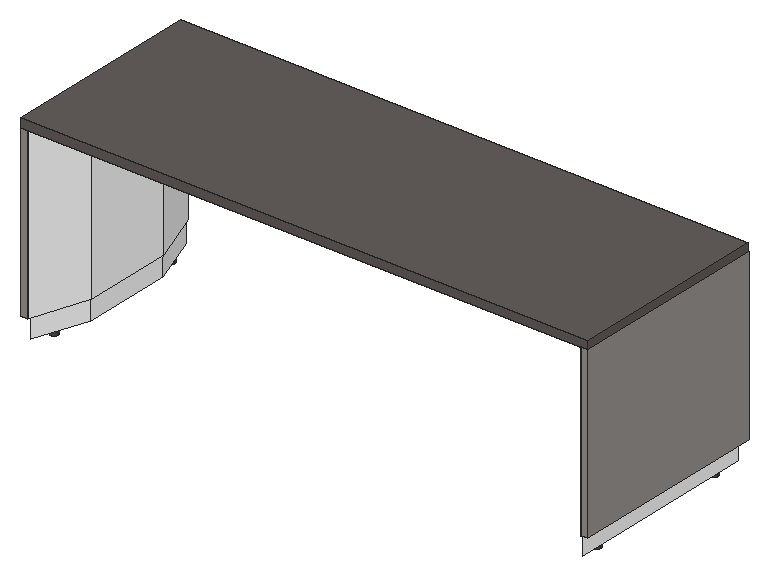
Revit family "Workstations-Multi_Level-Teknion-BH_FB_Height_Adjustable_Desk_Bevel_Base-R2019", category Furniture, Revit 2019
Family settings
  OmniClass Number = 23.40.20.00
  OmniClass Title = General Furniture and Specialties
  Work Plane-Based = No
  Always vertical = Yes
  Cut with Voids When Loaded = No
  Shared = Yes
  Room Calculation Point = No
Parameters (values of type "1 3/16" WS Thickness, 29" Depth, Integrated Powerbar")
  Worksurface Thickness = 1.193"
  Worksurface Finish [instance] = Veneer - Teknion - VB - Flintwood - Black Walnut
  Width [instance] = 82.000"
  Warranty = "http://www.teknion.com/ca/papers/legal-canada"
  Unit Weight URL = "http://www.teknion.com/ca/tools/assets#&asset=bee6a381-b954-425e-8283-5a2de3a804f2,f828d448-4b62-4231-9e5f-9a8991c0ed77"
  URL = "www.teknion.com"
  To render please download texture images found here [instance] = "https://assets.teknion.com/web/5e81352c1dfdb467/revit-material-swatches/"
  Sustainability Data = "https://www.teknion.com/ca/tools/assets#&topic=216f99a5-57a0-44fc-b10a-9dee9b29ae4c&asset=444deb64-fe58-4b68-981e-f75e97781df7,b4ff2d81-9f2e-437d-9659-7cffb09c31cf"
  Suspended Modesty Panel Options [instance] = "Select one of the options below."  # constant formula
  Suspended Modesty Panel - Solid Finish [instance] = Veneer-Teknion-5T-Flintwood-White_Truffle (Long Grain)
  Suspended Modesty Panel - Solid [instance] = no
  Suspended Modesty Panel - Metal Finish [instance] = Paint-Teknion-20-T-Foundation-Atrium White
  Suspended Modesty Panel - Metal [instance] = no
  Suspended Modesty Panel - Glass Hardware Finish [instance] = Paint - Teknion - Mica - Very White
  Suspended Modesty Panel - Glass Finish [instance] = Glass - Teknion - FT - Frosted Glass
  Suspended Modesty Panel - Glass [instance] = no
  Suspended Modesty Panel - Felt Finish [instance] = Fabric-Teknion-RB13-Carrera
  Suspended Modesty Panel - Felt [instance] = no
  Suspended Modesty Height Options [instance] = "Select one of the options below."  # constant formula
  Side Panel Thickness = 1.016"
  Shared Outlets for Regular Powebar and IEC Powerbar = or(Integrated Powerbar with IEC Outlet, Integrated Powerbar)  # yes
  Series = "Expansion Casegoods"  # constant formula
  Right Square Grommet Offest [instance] = if([Has Right - Rectangular & Square], 5.803", 9.803")  # 9.803"
  Right Square Grommet Cut [instance] = if(or([Has Right - Rectangular & Square]), 3.000", 0.500")  # 0.500"
  Right Square Grommet [instance] = Right Square Grommet Cut = 3.000"  # no
  Right Rectangular Grommet Offset [instance] = if([Has Right - Rectangular & Square], 13.803", 9.803")  # 9.803"
  Right Rectangular Gromet [instance] = or([Has Both Ends - Rectangular], [Has Both Ends - Square (L) & Rectangular (R)], [Has Right - Rectangular], [Has Right - Rectangular & Square])  # no
  Product Page URL = "https://www.teknion.com/ca/products/product-details?productlineid=0053336e-8e7a-673b-a6c8-ff00004460c4"
  Product Line = "Expansion Casegoods"  # constant formula
  Product Documentation Link #5 = "http://www.teknion.com/pricing/expansion-casegoods/pdfs/BASMM_ppg.pdf"
  Product Documentation Link #4 = "http://www.teknion.com/pricing/expansion-casegoods/pdfs/BASMG_ppg.pdf"
  Product Documentation Link #3 = "http://www.teknion.com/pricing/expansion-casegoods/pdfs/BASML_ppg.pdf"
  Product Documentation Link #2 = "http://www.teknion.com/pricing/expansion-casegoods/pdfs/BASME_ppg.pdf"
  Product Documentation Link = "https://www.teknion.com/pricing/expansion-casegoods/pdfs/BH_FB_ppg.pdf"
  Part Number = "BH_FB"  # constant formula
  Panel Offset [instance] = if(Worksurface Thickness = 1.193", 9.000", 10.000")  # 9.000"
  Panel Height [instance] = if([10" Height Suspended Modesty Panel], 10.009", 6.636")  # 10.009"
  No Grommet Option [instance] = yes
  Model = "BHMFB29___IE"
  Manufacturer Phone = "416-661-3370"  # constant formula
  Manufacturer Fax = "416.661.4586"  # constant formula
  Manufacturer Contact Information = "http://www.teknion.com/ca/contactus"
  Manufacturer Address = "1150 Flint Road, Toronto, ON. M3J 2J5. Canada"  # constant formula
  Manufacturer = "Teknion"  # constant formula
  Left Square Grommet Offset [instance] = if([Has Left - Rectangular & Square], 5.803", 9.803")  # 9.803"
  Left Square Grommet Cut [instance] = if(or([Has Both Ends - Square (L) & Rectangular (R)], [Has Left - Rectangular & Square]), 3.000", 0.500")  # 0.500"
  Left Square Grommet [instance] = Left Square Grommet Cut = 3.000"  # no
  Left Rectangular Grommet Offset [instance] = if([Has Left - Rectangular & Square], 13.803", 9.803")  # 9.803"
  Left Rectangular Gromet [instance] = or([Has Both Ends - Rectangular], [Has Left - Rectangular], [Has Left - Rectangular & Square])  # no
  Integrated Powerbar with IEC Outlet = no
  Integrated Powerbar = yes
  How To Use Teknion Materials User Guide [instance] = "https://assets.teknion.com/m/205dd0a49fa58060/original/How-to-add-a-Material-Library-and-Texture-Images-to-your-Revit-project.pdf"
  Height [instance] = 29.000"
  Has Right - Rectangular & Square [instance] = no
  Has Right - Rectangular [instance] = no
  Has Left - Rectangular & Square [instance] = no
  Has Left - Rectangular [instance] = no
  Has Both Ends - Square (L) & Rectangular (R) [instance] = no
  Has Both Ends - Rectangular [instance] = no
  Grommet Option Note [instance] = "Please choose one of the following options below."  # constant formula
  Grommet Finish [instance] = Mica - Teknion - V - Satin - Very White
  For Additional Finishes please visit [instance] = "https://assets.teknion.com/m/44a8009b046e5d47/original/Teknion_Materials_Library.zip"
  End Panel Finish [instance] = Source Laminate - Teknion - DE - Latte
  Description = "Height-Adjustable Desk - Bevel Bases, 1 3/16\" Worksurface Thickness, 29\" Depth, Integrated Powerbar, Extended Range 26\" to 28\""
  Base Finish [instance] = Mica - Teknion - V - Satin - Very White
  Available Widths [instance] = "58\". 64\", 70\", 76\", and 82\""  # constant formula
  Available Heights [instance] = "26\" to 48\""  # constant formula
  Assembly Code = "E2020200"
  Actual Height [instance] = if(Worksurface Thickness = 1.193", Height, Height + 0.362")  # 29.000"
  6" Height Suspended Modesty Panel [instance] = no
  10" Height Suspended Modesty Panel [instance] = not([6" Height Suspended Modesty Panel])  # yes
Reference planes (in)
  plane 1 "Center Front/Back": y = 0
  plane 2: z = 0
  plane 3 "Center Left/Right": x = 0
  plane 4 "Left": x = -41
  plane 5 "Right": x = 41
  plane 6 "Back": y = 14.5
  plane 7 "Front": y = -14.5
  plane 8 "Top": z = 29
  plane 9: y = 6.5
  plane 10: z = 27.807
  plane 11: z = 17.798
  plane 12 "Rectangular Left": x = -31.197
  plane 13 "Rectangular Right": x = 31.197
  plane 14 "Left Panel Offset": x = -32
  plane 15 "Right Panel Offset": x = 32
  plane 16: x = -31.197
  plane 17: x = 31.197
Forms (in)
  Sweep 1, solid, material "Veneer - Teknion - VB - Flintwood - Black Walnut" <- "Worksurface Finish"
    path origin (0, 0, 0) x (1, 0, 0) y (0, 0, 1)
      loop
        line (0, 27.807) -> (0, 29)
    profile origin (0, 0, 28.4035) x (-1, 0, 0) y (0, -1, 0)
      loop
        line (41, -14.5) -> (41, 14.5) -> (-41, 14.5) -> (-41, -14.5) -> (41, -14.5)
  Sweep 2, solid, material "Source Laminate - Teknion - DE - Latte" <- "End Panel Finish"
    path origin (0, 0, 0) x (1, 0, 0) y (0, 1, 0)
      loop
        line (0, 14.5) -> (0, -14.5)
    profile origin (0, 0, 0) x (1, 0, 0) y (0, 0, 1)
      loop
        line (-41, 27.807) -> (-41, 3.44882) -> (-39.984, 3.44882) -> (-39.984, 27.807) -> (-41, 27.807)
      loop
        line (41, 27.807) -> (39.984, 27.807) -> (39.984, 3.44882) -> (41, 3.44882) -> (41, 27.807)
  Sweep 3, solid, material "Mica - Teknion - V - Satin - Very White" <- "Base Finish"
    path origin (0, 0, 0) x (1, 0, 0) y (0, 0, 1)
      loop
        line (0, 3.44882) -> (0, 27.807)
    profile origin (0, 0, 15.62791) x (-1, 0, 0) y (0, -1, 0)
      loop
        line (39.984, 14.5) -> (37.1063, 6.5) -> (37.1063, -6.5) -> (39.984, -14.5) -> (39.984, 14.5)
      loop
        line (-39.984, 14.5) -> (-39.984, -14.5) -> (-37.1063, -6.5) -> (-37.1063, 6.5) -> (-39.984, 14.5)
  Sweep 4, solid, material "Mica - Teknion - V - Satin - Very White" <- "Base Finish"
    path origin (0, 0, 0) x (1, 0, 0) y (0, 0, 1)
      loop
        line (0, 27.61811) -> (0, 27.807)
    profile origin (0, 0, 27.71256) x (-1, 0, 0) y (0, -1, 0)
      loop
        line (33.11024, -5.90551) -> (37.1063, -5.90551) -> (37.1063, 5.90551) -> (33.11024, 5.90551) -> (33.11024, -5.90551)
      loop
        line (-33.11024, -5.90551) -> (-33.11024, 5.90551) -> (-37.1063, 5.90551) -> (-37.1063, -5.90551) -> (-33.11024, -5.90551)
  Sweep 5, solid, material "Mica - Teknion - V - Satin - Very White" <- "Base Finish"
    path origin (0, 0, 0) x (1, 0, 0) y (0, 0, 1)
      loop
        line (0, 25.99606) -> (0, 27.807)
    profile origin (0, 0, 26.90153) x (-1, 0, 0) y (0, -1, 0)
      loop
        line (32.76772, 1.89961) -> (32.76772, -1.89961) -> (37.1063, -1.89961) -> (37.1063, 1.89961) -> (32.76772, 1.89961)
      loop
        line (-32.76772, 1.89961) -> (-37.1063, 1.89961) -> (-37.1063, -1.89961) -> (-32.76772, -1.89961) -> (-32.76772, 1.89961)
  Sweep 6, solid, material "Mica - Teknion - V - Satin - Very White" <- "Base Finish"
    path origin (0, 0, 0) x (1, 0, 0) y (0, 1, 0)
      loop
        line (-32.76772, 0) -> (32.76772, 0)
    profile origin (0, 0, 0) x (0, 1, 0) y (0, 0, 1)
      loop
        line (2.6752, 27.807) -> (-2.6752, 27.807) -> (-2.6752, 25.80709) -> (2.6752, 25.80709) -> (2.6752, 27.807)
  Sweep 7, solid, material "Mica - Teknion - V - Satin - Very White" <- "Base Finish"
    path origin (0, 0, 0) x (1, 0, 0) y (0, 0, 1)
      loop
        line (0, 0.60236) -> (0, 3.44882)
    profile origin (0, 0, 2.02559) x (-1, 0, 0) y (0, -1, 0)
      loop
        line (39.90551, -14.05136) -> (39.90551, 14.05136) -> (37.1843, 6.4864) -> (37.1843, -6.4864) -> (39.90551, -14.05136)
      loop
        line (-39.90551, -14.05136) -> (-37.1843, -6.4864) -> (-37.1843, 6.4864) -> (-39.90551, 14.05136) -> (-39.90551, -14.05136)
  Sweep 8, solid, material "Plastic - Teknion - E - Ebony"
    path origin (0, 0, 0) x (1, 0, 0) y (0, 0, 1)
      loop
        line (0, 0) -> (0, 0.60236)
    profile origin (0, 0, 0.30118) x (-1, 0, 0) y (0, -1, 0)
      loop
        circle (39.23985, -10.58055) r 0.5
      loop
        circle (39.23985, 10.58055) r 0.5
      loop
        circle (-39.23647, -10.58055) r 0.5
      loop
        circle (-39.23647, 10.58055) r 0.5
  Sweep 9, solid, material "Mica - Teknion - V - Satin - Very White" <- "Grommet Finish", visible <- "Right Rectangular Gromet"
    path origin (0, 0, 0) x (1, 0, 0) y (0, 0, 1)
      loop
        line (0, 29) -> (0, 29.15354)
    profile origin (0, 0, 29.07677) x (-1, 0, 0) y (0, -1, 0)
      loop
        line (-34.52401, -6.77876) -> (-34.52401, -9.62282) -> (-31.67578, -9.62282) -> (-31.67578, -6.77876) -> (-34.52401, -6.77876)
  Sweep 10, solid, material "Mica - Teknion - V - Satin - Very White" <- "Grommet Finish", visible <- "Right Rectangular Gromet"
    path origin (0, 0, 0) x (1, 0, 0) y (0, 0, 1)
      loop
        line (0, 29) -> (0, 29.15354)
    profile origin (0, 0, 29.07677) x (-1, 0, 0) y (0, -1, 0)
      loop
        line (-27.86969, -9.62282) -> (-27.86969, -6.77876) -> (-31.67578, -6.77876) -> (-31.67578, -7.98811) -> (-29.39718, -7.98811) -> (-29.39718, -8.41346) -> (-31.67578, -8.41346) -> (-31.67578, -9.62282) -> (-27.86969, -9.62282)
  Sweep 11, solid, material "Mica - Teknion - V - Satin - Very White" <- "Grommet Finish", visible <- "Left Rectangular Gromet"
    path origin (0, 0, 0) x (1, 0, 0) y (0, 0, 1)
      loop
        line (0, 29) -> (0, 29.15354)
    profile origin (0, 0, 29.07677) x (-1, 0, 0) y (0, -1, 0)
      loop
        line (31.67578, -9.62282) -> (31.67578, -8.41346) -> (29.39718, -8.41346) -> (29.39718, -7.98811) -> (31.67578, -7.98811) -> (31.67578, -6.77876) -> (27.86969, -6.77876) -> (27.86969, -9.62282) -> (31.67578, -9.62282)
  Sweep 12, solid, material "Mica - Teknion - V - Satin - Very White" <- "Grommet Finish", visible <- "Left Rectangular Gromet"
    path origin (0, 0, 0) x (1, 0, 0) y (0, 0, 1)
      loop
        line (0, 29) -> (0, 29.15354)
    profile origin (0, 0, 29.07677) x (-1, 0, 0) y (0, -1, 0)
      loop
        line (34.52401, -9.62282) -> (34.52401, -6.77876) -> (31.67578, -6.77876) -> (31.67578, -9.62282) -> (34.52401, -9.62282)
  Sweep 13, void
    path origin (0, 0, 0) x (1, 0, 0) y (0, 0, 1)
      loop
        line (0, 29.5) -> (0, 30)
    profile origin (0, 0, 29.75) x (-1, 0, 0) y (0, -1, 0)
      loop
        arc (32.20472, -7.6063) -> (32.08365, -7.31399) -> (31.79134, -7.19291) r 0.41339
        line (31.79134, -7.19291) -> (30.60236, -7.19291)
        arc (30.60236, -7.19291) -> (30.31005, -7.31399) -> (30.18898, -7.6063) r 0.41339
        line (30.18898, -7.6063) -> (30.18898, -8.79528)
        arc (30.18898, -8.79528) -> (30.31005, -9.08758) -> (30.60236, -9.20866) r 0.41339
        line (30.60236, -9.20866) -> (31.79134, -9.20866)
        arc (31.79134, -9.20866) -> (32.08365, -9.08758) -> (32.20472, -8.79528) r 0.41339
        line (32.20472, -8.79528) -> (32.20472, -7.6063)
  Sweep 14, void
    path origin (0, 0, 0) x (1, 0, 0) y (0, 0, 1)
      loop
        line (0, 29.5) -> (0, 30)
    profile origin (0, 0, 29.75) x (-1, 0, 0) y (0, -1, 0)
      loop
        arc (-30.60236, -9.20866) -> (-30.31005, -9.08758) -> (-30.18898, -8.79528) r 0.41339
        line (-30.18898, -8.79528) -> (-30.18898, -7.6063)
        arc (-30.18898, -7.6063) -> (-30.31005, -7.31399) -> (-30.60236, -7.19291) r 0.41339
        line (-30.60236, -7.19291) -> (-31.79134, -7.19291)
        arc (-31.79134, -7.19291) -> (-32.08365, -7.31399) -> (-32.20472, -7.6063) r 0.41339
        line (-32.20472, -7.6063) -> (-32.20472, -8.79528)
        arc (-32.20472, -8.79528) -> (-32.08365, -9.08758) -> (-31.79134, -9.20866) r 0.41339
        line (-31.79134, -9.20866) -> (-30.60236, -9.20866)
  Sweep 15, solid, material "Veneer-Teknion-5T-Flintwood-White_Truffle (Long Grain)" <- "Suspended Modesty Panel - Solid Finish", visible <- "Suspended Modesty Panel - Solid"
    path origin (15.13766, 22.35986, -0.36198) x (1, 0, 0) y (0, 1, 0)
      loop
        line (-47.13766, -33.24036) -> (16.86234, -33.24036)
    profile origin (0, -10.8805, -0.36198) x (0, 1, 0) y (0, 0, 1)
      loop
        line (17.3795, 28.16898) -> (16.36375, 28.16898) -> (16.36375, 18.15998) -> (17.3795, 18.15998) -> (17.3795, 28.16898)
  Sweep 16, solid, material "Paint - Teknion - Foundation - Ebony", visible <- "Suspended Modesty Panel - Felt"
    path origin (-20.5, -17.5, -0.36198) x (-1, 0, 0) y (0, -1, 0)
      loop
        line (-52.5, -6.6205) -> (11.5, -6.6205)
    profile origin (0, -10.8795, -0.36198) x (0, -1, 0) y (0, 0, 1)
      loop
        line (-17.10391, 18.15998) -> (-17.05667, 18.15998) -> (-17.05667, 28.12153) -> (-16.51336, 28.12153) -> (-16.51336, 27.53885) -> (-16.46611, 27.53885) -> (-16.46611, 28.16877) -> (-17.10391, 28.16877) -> (-17.10391, 18.15998)
  Sweep 17, solid, material "Fabric-Teknion-RB13-Carrera" <- "Suspended Modesty Panel - Felt Finish", visible <- "Suspended Modesty Panel - Felt"
    path origin (-20.5, -17.5, -0.36198) x (-1, 0, 0) y (0, -1, 0)
      loop
        line (-52.5, -6.6205) -> (11.5, -6.6205)
    profile origin (0, -10.8795, -0.36198) x (0, -1, 0) y (0, 0, 1)
      loop
        line (-16.78107, 27.57805) -> (-17.05667, 27.57805) -> (-17.05667, 18.15998) -> (-16.78107, 18.15998) -> (-16.78107, 27.57805)
      loop
        line (-17.10391, 18.15998) -> (-17.10391, 27.57805) -> (-17.3795, 27.57805) -> (-17.3795, 18.15998) -> (-17.10391, 18.15998)
  Sweep 18, solid, material "Glass - Teknion - FT - Frosted Glass" <- "Suspended Modesty Panel - Glass Finish", visible <- "Suspended Modesty Panel - Glass"
    path origin (-22, -17.5, -0.36198) x (-1, 0, 0) y (0, -1, 0)
      loop
        line (-54, -6.6205) -> (10, -6.6205)
    profile origin (0, -10.8795, -0.36198) x (0, -1, 0) y (0, 0, 1)
      loop
        line (-17.14328, 28.16898) -> (-17.3795, 28.16898) -> (-17.3795, 18.15998) -> (-17.14328, 18.15998) -> (-17.14328, 28.16898)
  Sweep 19, solid, material "Paint - Teknion - Mica - Very White" <- "Suspended Modesty Panel - Glass Hardware Finish", visible <- "Suspended Modesty Panel - Glass"
    path origin (-22, -17.5, -0.36198) x (-1, 0, 0) y (0, -1, 0)
      loop
        line (-54, -6.6205) -> (10, -6.6205)
    profile origin (0, -10.8795, -0.36198) x (0, -1, 0) y (0, 0, 1)
      loop
        line (-16.75352, 28.0546) -> (-17.14328, 28.0546) -> (-17.14328, 26.86562) -> (-16.75352, 26.86562) -> (-16.75352, 28.0546)
  Sweep 20, solid, material "Paint-Teknion-20-T-Foundation-Atrium White" <- "Suspended Modesty Panel - Metal Finish", visible <- "Suspended Modesty Panel - Metal"
    path origin (15.13766, 22.35986, -0.36198) x (1, 0, 0) y (0, 1, 0)
      loop
        line (-47.13766, -30.24036) -> (16.86234, -30.24036)
    profile origin (0, -7.8805, -0.36198) x (0, 1, 0) y (0, 0, 1)
      loop
        line (14.3795, 28.16898) -> (13.36375, 28.16898) -> (13.36375, 18.15998) -> (14.3795, 18.15998) -> (14.3795, 28.16898)
  Sweep 21, void
    path origin (0, 0, 0) x (1, 0, 0) y (0, 1, 0)
      loop
        line (0, 5.48325) -> (0, 6.451)
    profile origin (0, 5.96713, 0) x (-1, 0, 0) y (0, 0, 1)
      loop
        line (30.856, 18.942) -> (30.856, 26.663) -> (-30.856, 26.663) -> (-30.856, 18.942) -> (30.856, 18.942)
  Sweep 22, solid, material "Plastic - Teknion - E - Ebony", visible <- "Shared Outlets for Regular Powebar and IEC Powerbar"
    path origin (-8.8089, 2.80534, -0.18495) x (0, 1, 0) y (-1, 0, 0)
      loop
        line (-0.13014, -7.16491) -> (0.05096, -7.16491)
    profile origin (-1.64399, 2.76575, -0.18495) x (-1, 0, 0) y (0, 0, 1)
      loop
        arc (0.51743, 27.47826) -> (0.5059, 27.5061) -> (0.47806, 27.51763) r 0.03937
        line (0.47806, 27.51763) -> (-0.49438, 27.51763)
        arc (-0.49438, 27.51763) -> (-0.52222, 27.5061) -> (-0.53375, 27.47826) r 0.03937
        line (-0.53375, 27.47826) -> (-0.53375, 26.50582)
        arc (-0.53375, 26.50582) -> (-0.52222, 26.47798) -> (-0.49438, 26.46645) r 0.03937
        line (-0.49438, 26.46645) -> (0.47806, 26.46645)
        arc (0.47806, 26.46645) -> (0.5059, 26.47798) -> (0.51743, 26.50582) r 0.03937
        line (0.51743, 26.50582) -> (0.51743, 27.47826)
      loop
        line (0.04105, 27.26172) -> (0.04105, 27.19086) -> (0.39145, 27.19086) -> (0.39145, 27.26172) -> (0.04105, 27.26172)
      loop
        line (0.08042, 26.78535) -> (0.08042, 26.71448) -> (0.35208, 26.71448) -> (0.35208, 26.78535) -> (0.08042, 26.78535)
      loop
        line (-0.36052, 27.09637) -> (-0.36052, 26.88771) -> (-0.25619, 26.88771)
        arc (-0.25619, 26.88771) -> (-0.15186, 26.99204) -> (-0.25619, 27.09637) r 0.10433
        line (-0.25619, 27.09637) -> (-0.36052, 27.09637)
  Sweep 23, solid, material "Plastic - Teknion - E - Ebony", visible <- "Shared Outlets for Regular Powebar and IEC Powerbar"
    path origin (-7.2341, 2.80534, -0.18495) x (0, 1, 0) y (-1, 0, 0)
      loop
        line (0.05096, -7.16491) -> (-0.13014, -7.16491)
    profile origin (-0.06918, 2.76575, -0.18495) x (1, 0, 0) y (0, 0, 1)
      loop
        line (-0.51743, 27.47826) -> (-0.51743, 26.50582)
        arc (-0.51743, 26.50582) -> (-0.5059, 26.47798) -> (-0.47806, 26.46645) r 0.03937
        line (-0.47806, 26.46645) -> (0.49438, 26.46645)
        arc (0.49438, 26.46645) -> (0.52222, 26.47798) -> (0.53375, 26.50582) r 0.03937
        line (0.53375, 26.50582) -> (0.53375, 27.47826)
        arc (0.53375, 27.47826) -> (0.52222, 27.5061) -> (0.49438, 27.51763) r 0.03937
        line (0.49438, 27.51763) -> (-0.47806, 27.51763)
        arc (-0.47806, 27.51763) -> (-0.5059, 27.5061) -> (-0.51743, 27.47826) r 0.03937
      loop
        line (-0.04105, 27.26172) -> (-0.39145, 27.26172) -> (-0.39145, 27.19086) -> (-0.04105, 27.19086) -> (-0.04105, 27.26172)
      loop
        line (-0.08042, 26.78535) -> (-0.35208, 26.78535) -> (-0.35208, 26.71448) -> (-0.08042, 26.71448) -> (-0.08042, 26.78535)
      loop
        line (0.36052, 27.09637) -> (0.25619, 27.09637)
        arc (0.25619, 27.09637) -> (0.15186, 26.99204) -> (0.25619, 26.88771) r 0.10433
        line (0.25619, 26.88771) -> (0.36052, 26.88771) -> (0.36052, 27.09637)
  Sweep 24, solid, material "Plastic - Teknion - E - Ebony", visible <- "Shared Outlets for Regular Powebar and IEC Powerbar"
    path origin (-5.65929, 2.80534, -0.18495) x (0, 1, 0) y (-1, 0, 0)
      loop
        line (0.05096, -7.16491) -> (-0.13014, -7.16491)
    profile origin (1.50562, 2.76575, -0.18495) x (1, 0, 0) y (0, 0, 1)
      loop
        line (-0.51743, 27.47826) -> (-0.51743, 26.50582)
        arc (-0.51743, 26.50582) -> (-0.5059, 26.47798) -> (-0.47806, 26.46645) r 0.03937
        line (-0.47806, 26.46645) -> (0.49438, 26.46645)
        arc (0.49438, 26.46645) -> (0.52222, 26.47798) -> (0.53375, 26.50582) r 0.03937
        line (0.53375, 26.50582) -> (0.53375, 27.47826)
        arc (0.53375, 27.47826) -> (0.52222, 27.5061) -> (0.49438, 27.51763) r 0.03937
        line (0.49438, 27.51763) -> (-0.47806, 27.51763)
        arc (-0.47806, 27.51763) -> (-0.5059, 27.5061) -> (-0.51743, 27.47826) r 0.03937
      loop
        line (-0.04105, 27.26172) -> (-0.39145, 27.26172) -> (-0.39145, 27.19086) -> (-0.04105, 27.19086) -> (-0.04105, 27.26172)
      loop
        line (-0.08042, 26.78535) -> (-0.35208, 26.78535) -> (-0.35208, 26.71448) -> (-0.08042, 26.71448) -> (-0.08042, 26.78535)
      loop
        line (0.36052, 27.09637) -> (0.25619, 27.09637)
        arc (0.25619, 27.09637) -> (0.15186, 26.99204) -> (0.25619, 26.88771) r 0.10433
        line (0.25619, 26.88771) -> (0.36052, 26.88771) -> (0.36052, 27.09637)
  Sweep 25, solid, material "Plastic - Teknion - E - Ebony", visible <- "Integrated Powerbar"
    path origin (-4.08449, 2.80534, 0) x (0, 1, 0) y (-1, 0, 0)
      loop
        line (0.05096, -7.16491) -> (-0.13014, -7.16491)
    profile origin (3.08042, 2.76575, 0) x (1, 0, 0) y (0, 0, 1)
      loop
        line (-0.51743, 27.29331) -> (-0.51743, 26.32087)
        arc (-0.51743, 26.32087) -> (-0.5059, 26.29303) -> (-0.47806, 26.2815) r 0.03937
        line (-0.47806, 26.2815) -> (0.49438, 26.2815)
        arc (0.49438, 26.2815) -> (0.52222, 26.29303) -> (0.53375, 26.32087) r 0.03937
        line (0.53375, 26.32087) -> (0.53375, 27.29331)
        arc (0.53375, 27.29331) -> (0.52222, 27.32115) -> (0.49438, 27.33268) r 0.03937
        line (0.49438, 27.33268) -> (-0.47806, 27.33268)
        arc (-0.47806, 27.33268) -> (-0.5059, 27.32115) -> (-0.51743, 27.29331) r 0.03937
      loop
        line (-0.04105, 27.07677) -> (-0.39145, 27.07677) -> (-0.39145, 27.00591) -> (-0.04105, 27.00591) -> (-0.04105, 27.07677)
      loop
        line (-0.08042, 26.60039) -> (-0.35208, 26.60039) -> (-0.35208, 26.52953) -> (-0.08042, 26.52953) -> (-0.08042, 26.60039)
      loop
        line (0.36052, 26.91142) -> (0.25619, 26.91142)
        arc (0.25619, 26.91142) -> (0.15186, 26.80709) -> (0.25619, 26.70276) r 0.10433
        line (0.25619, 26.70276) -> (0.36052, 26.70276) -> (0.36052, 26.91142)
  Sweep 26, solid, material "Plastic - Teknion - E - Ebony", visible <- "Shared Outlets for Regular Powebar and IEC Powerbar"
    path origin (-8.8089, 2.80534, -0.18397) x (0, 1, 0) y (-1, 0, 0)
      loop
        line (-0.13014, -5.12389) -> (-0.09077, -5.12389)
    profile origin (-3.68501, 2.69488, -0.18397) x (-1, 0, 0) y (0, 0, 1)
      loop
        line (0.29137, 27.36704) -> (-0.45863, 27.36704) -> (-0.45863, 26.61704) -> (0.29137, 26.61704) -> (0.29137, 27.36704)
  Sweep 27, solid, material "Plastic - Teknion - E - Ebony", visible <- "Shared Outlets for Regular Powebar and IEC Powerbar"
    path origin (-8.8089, 0.81693, -0.18397) x (-1, 0, 0) y (0, 0, 1)
      loop
        line (-5.18312, 27.17196) -> (-5.18312, 26.81212)
    profile origin (-3.62578, 0.81693, 26.80807) x (0, 1, 0) y (-1, 0, 0)
      loop
        arc (1.91732, -0.21928) -> (1.93653, -0.06827) -> (1.9981, 0.07096) r 0.52705
        line (1.9981, 0.07096) -> (1.87909, 0.18886) -> (1.87909, -0.21928) -> (1.91732, -0.21928)
  Sweep 28, solid, material "Plastic - Teknion - E - Ebony", visible <- "Integrated Powerbar with IEC Outlet"
    path origin (-8.8089, 2.80534, -0.18495) x (0, 1, 0) y (-1, 0, 0)
      loop
        line (-0.08684, -11.99122) -> (-0.13014, -11.99122)
    profile origin (3.18232, 2.69685, -0.18495) x (1, 0, 0) y (0, 0, 1)
      loop
        arc (-0.57996, 27.51763) -> (-0.6078, 27.5061) -> (-0.61933, 27.47826) r 0.03937
        line (-0.61933, 27.47826) -> (-0.61933, 26.50582)
        arc (-0.61933, 26.50582) -> (-0.6078, 26.47798) -> (-0.57996, 26.46645) r 0.03937
        line (-0.57996, 26.46645) -> (0.72713, 26.46645)
        arc (0.72713, 26.46645) -> (0.75497, 26.47798) -> (0.7665, 26.50582) r 0.03937
        line (0.7665, 26.50582) -> (0.7665, 27.47826)
        arc (0.7665, 27.47826) -> (0.75497, 27.5061) -> (0.72713, 27.51763) r 0.03937
        line (0.72713, 27.51763) -> (-0.57996, 27.51763)
      loop
        line (0.63855, 27.14024) -> (0.36351, 27.41527) -> (-0.21634, 27.41527) -> (-0.49138, 27.14024) -> (-0.49138, 26.56881) -> (0.63855, 26.56881) -> (0.63855, 27.14024)
      loop
        line (0.52634, 26.68102) -> (0.52634, 27.09496) -> (0.31824, 27.30306) -> (-0.17107, 27.30306) -> (-0.37917, 27.09496) -> (-0.37917, 26.68102) -> (0.52634, 26.68102)
      loop
        line (0.10902, 27.24401) -> (0.03815, 27.24401) -> (0.03815, 27.12196) -> (0.10902, 27.12196) -> (0.10902, 27.24401)
      loop
        line (-0.10949, 26.97629) -> (-0.18823, 26.97629) -> (-0.18823, 26.807) -> (-0.10949, 26.807) -> (-0.10949, 26.97629)
      loop
        line (0.3354, 26.97629) -> (0.25666, 26.97629) -> (0.25666, 26.807) -> (0.3354, 26.807) -> (0.3354, 26.97629)
Cuts and joins
  joined: Sweep 4, Sweep 5
  Sweep 13, Sweep 14 cuts Sweep 1
  Sweep 21 cuts Sweep 20
Lines and regions (in)
  Masking region 1
    outline origin (0, 0, 0) x (1, 0, 0) y (0, 1, 0)
      loop
        line (-41, 14.5) -> (-41, -14.5) -> (41, -14.5) -> (41, 14.5) -> (-41, 14.5)
  symbolic lines, style "FurnitureHiddenLines", detail levels medium+fine
    curve 1: line (-39.984, 14.5, 0) -> (-39.984, -14.5, 0)
    curve 2: line (-37.1063, -6.5, 0) -> (-37.1063, 6.5, 0)
    curve 3: line (-37.1063, 6.5, 0) -> (-39.984, 14.5, 0)
    curve 4: line (-39.984, -14.5, 0) -> (-37.1063, -6.5, 0)
    curve 5: line (39.984, -14.5, 0) -> (39.984, 14.5, 0)
    curve 6: line (39.984, 14.5, 0) -> (37.1063, 6.5, 0)
    curve 7: line (37.1063, 6.5, 0) -> (37.1063, -6.5, 0)
    curve 8: line (37.1063, -6.5, 0) -> (39.984, -14.5, 0)
    curve 9: line (33.11024, -5.90551, 0) -> (37.1063, -5.90551, 0)
    curve 10: line (37.1063, 5.90551, 0) -> (33.11024, 5.90551, 0)
    curve 11: line (33.11024, 5.90551, 0) -> (33.11024, -5.90551, 0)
    curve 12: line (-33.11024, 5.90551, 0) -> (-37.1063, 5.90551, 0)
    curve 13: line (-37.1063, -5.90551, 0) -> (-33.11024, -5.90551, 0)
    curve 14: line (-33.11024, -5.90551, 0) -> (-33.11024, 5.90551, 0)
    curve 15: line (32.76772, 2.6752, 0) -> (-32.76772, 2.6752, 0)
    curve 16: line (-32.76772, 2.6752, 0) -> (-32.76772, -2.6752, 0)
    curve 17: line (-32.76772, -2.6752, 0) -> (32.76772, -2.6752, 0)
    curve 18: line (32.76772, -2.6752, 0) -> (32.76772, 2.6752, 0)
  symbolic lines, style "FurnitureHiddenLines", detail levels fine
    curve 19: line (-32.76772, 1.89961, 0) -> (-37.1063, 1.89961, 0)
    curve 20: line (-37.1063, -1.89961, 0) -> (-32.76772, -1.89961, 0)
    curve 21: line (37.1063, 1.89961, 0) -> (32.76772, 1.89961, 0)
    curve 22: line (32.76772, -1.89961, 0) -> (37.1063, -1.89961, 0)
    curve 23: line (-37.1843, 6.4864, 0) -> (-39.90551, 14.05136, 0)
    curve 24: line (-39.90551, 14.05136, 0) -> (-39.90551, -14.05136, 0)
    curve 25: line (-39.90551, -14.05136, 0) -> (-37.1843, -6.4864, 0)
    curve 26: line (-37.1843, -6.4864, 0) -> (-37.1843, 6.4864, 0)
    curve 27: line (39.90551, 14.05136, 0) -> (37.1843, 6.4864, 0)
    curve 28: line (37.1843, 6.4864, 0) -> (37.1843, -6.4864, 0)
    curve 29: line (37.1843, -6.4864, 0) -> (39.90551, -14.05136, 0)
    curve 30: line (39.90551, -14.05136, 0) -> (39.90551, 14.05136, 0)
    curve 31: arc (-39.73985, 10.58055, 0) -> (-39.23985, 10.08055, 0) -> (-38.73985, 10.58055, 0) r 0.5
    curve 32: arc (-38.73985, 10.58055, 0) -> (-39.23985, 11.08055, 0) -> (-39.73985, 10.58055, 0) r 0.5
    curve 33: arc (-38.73985, -10.58055, 0) -> (-39.23985, -10.08055, 0) -> (-39.73985, -10.58055, 0) r 0.5
    curve 34: arc (-39.73985, -10.58055, 0) -> (-39.23985, -11.08055, 0) -> (-38.73985, -10.58055, 0) r 0.5
    curve 35: arc (39.73647, 10.58055, 0) -> (39.23647, 11.08055, 0) -> (38.73647, 10.58055, 0) r 0.5
    curve 36: arc (38.73647, 10.58055, 0) -> (39.23647, 10.08055, 0) -> (39.73647, 10.58055, 0) r 0.5
    curve 37: arc (39.73647, -10.58055, 0) -> (39.23647, -10.08055, 0) -> (38.73647, -10.58055, 0) r 0.5
    curve 38: arc (38.73647, -10.58055, 0) -> (39.23647, -11.08055, 0) -> (39.73647, -10.58055, 0) r 0.5
  symbolic lines, visible <- "Left Rectangular Gromet"
    curve 39: line (-31.67578, 9.62282, 0) -> (-34.52401, 9.62282, 0)
    curve 40: line (-34.52401, 9.62282, 0) -> (-34.52401, 6.77876, 0)
    curve 41: line (-34.52401, 6.77876, 0) -> (-31.67578, 6.77876, 0)
    curve 42: line (-31.67578, 6.77876, 0) -> (-31.67578, 9.62282, 0)
    curve 43: line (-27.86969, 6.77876, 0) -> (-27.86969, 9.62282, 0)
    curve 44: line (-27.86969, 9.62282, 0) -> (-31.67578, 9.62282, 0)
    curve 45: line (-31.67578, 9.62282, 0) -> (-31.67578, 8.41346, 0)
    curve 46: line (-31.67578, 8.41346, 0) -> (-29.39718, 8.41346, 0)
    curve 47: line (-29.39718, 8.41346, 0) -> (-29.39718, 7.98811, 0)
    curve 48: line (-29.39718, 7.98811, 0) -> (-31.67578, 7.98811, 0)
    curve 49: line (-31.67578, 7.98811, 0) -> (-31.67578, 6.77876, 0)
    curve 50: line (-31.67578, 6.77876, 0) -> (-27.86969, 6.77876, 0)
  symbolic lines, visible <- "Right Rectangular Gromet"
    curve 51: line (34.52401, 6.77876, 0) -> (34.52401, 9.62282, 0)
    curve 52: line (34.52401, 9.62282, 0) -> (31.67578, 9.62282, 0)
    curve 53: line (31.67578, 9.62282, 0) -> (31.67578, 6.77876, 0)
    curve 54: line (31.67578, 6.77876, 0) -> (34.52401, 6.77876, 0)
    curve 55: line (31.67578, 9.62282, 0) -> (27.86969, 9.62282, 0)
    curve 56: line (27.86969, 9.62282, 0) -> (27.86969, 6.77876, 0)
    curve 57: line (27.86969, 6.77876, 0) -> (31.67578, 6.77876, 0)
    curve 58: line (31.67578, 6.77876, 0) -> (31.67578, 7.98811, 0)
    curve 59: line (31.67578, 7.98811, 0) -> (29.39718, 7.98811, 0)
    curve 60: line (29.39718, 7.98811, 0) -> (29.39718, 8.41346, 0)
    curve 61: line (29.39718, 8.41346, 0) -> (31.67578, 8.41346, 0)
    curve 62: line (31.67578, 8.41346, 0) -> (31.67578, 9.62282, 0)
  symbolic lines, visible <- "Left Square Grommet"
    curve 63: line (-30.60236, 9.20866, 0) -> (-31.79134, 9.20866, 0)
    curve 64: arc (-31.79134, 9.20866, 0) -> (-32.08365, 9.08758, 0) -> (-32.20472, 8.79528, 0) r 0.41339
    curve 65: line (-32.20472, 8.79528, 0) -> (-32.20472, 7.6063, 0)
    curve 66: arc (-32.20472, 7.6063, 0) -> (-32.08365, 7.31399, 0) -> (-31.79134, 7.19291, 0) r 0.41339
    curve 67: line (-31.79134, 7.19291, 0) -> (-30.60236, 7.19291, 0)
    curve 68: arc (-30.60236, 7.19291, 0) -> (-30.31005, 7.31399, 0) -> (-30.18898, 7.6063, 0) r 0.41339
    curve 69: line (-30.18898, 7.6063, 0) -> (-30.18898, 8.79528, 0)
    curve 70: arc (-30.18898, 8.79528, 0) -> (-30.31005, 9.08758, 0) -> (-30.60236, 9.20866, 0) r 0.41339
  symbolic lines, visible <- "Right Square Grommet"
    curve 71: line (31.79134, 9.20866, 0) -> (30.60236, 9.20866, 0)
    curve 72: arc (30.60236, 9.20866, 0) -> (30.31005, 9.08758, 0) -> (30.18898, 8.79528, 0) r 0.41339
    curve 73: line (30.18898, 8.79528, 0) -> (30.18898, 7.6063, 0)
    curve 74: arc (30.18898, 7.6063, 0) -> (30.31005, 7.31399, 0) -> (30.60236, 7.19291, 0) r 0.41339
    curve 75: line (30.60236, 7.19291, 0) -> (31.79134, 7.19291, 0)
    curve 76: arc (31.79134, 7.19291, 0) -> (32.08365, 7.31399, 0) -> (32.20472, 7.6063, 0) r 0.41339
    curve 77: line (32.20472, 7.6063, 0) -> (32.20472, 8.79528, 0)
    curve 78: arc (32.20472, 8.79528, 0) -> (32.08365, 9.08758, 0) -> (31.79134, 9.20866, 0) r 0.41339
  symbolic lines, style "FurnitureHiddenLines", visible <- "Suspended Modesty Panel - Metal", detail levels fine
    curve 79: line (-30.856, 6.451, 0) -> (-30.856, 5.48325, 0)
    curve 80: line (30.856, 6.451, 0) -> (-30.856, 6.451, 0)
    curve 81: line (30.856, 5.48325, 0) -> (30.856, 6.451, 0)
  symbolic lines, style "FurnitureHiddenLines", visible <- "Suspended Modesty Panel - Solid", detail levels medium+fine
    curve 82: line (-32, 5.48325, 0) -> (32, 5.48325, 0)
    curve 87: line (-32, 5.48325, 0) -> (-32, 6.499, 0)
    curve 88: line (32, 5.48325, 0) -> (32, 6.499, 0)
    curve 89: line (-32, 5.48325, 0) -> (32, 5.48325, 0)
    curve 90: line (32, 6.499, 0) -> (-32, 6.499, 0)
  symbolic lines, style "FurnitureHiddenLines", visible <- "Suspended Modesty Panel - Metal", detail levels medium+fine
    curve 83: line (-32, 5.48325, 0) -> (-32, 6.499, 0)
    curve 84: line (32, 6.499, 0) -> (-32, 6.499, 0)
    curve 85: line (-32, 5.48325, 0) -> (32, 5.48325, 0)
    curve 86: line (32, 5.48325, 0) -> (32, 6.499, 0)
  symbolic lines, style "FurnitureHiddenLines", visible <- "Suspended Modesty Panel - Felt", detail levels medium+fine
    curve 91: line (-32, 6.5, 0) -> (-32, 5.58661, 0)
    curve 92: line (32, 6.5, 0) -> (-32, 6.5, 0)
    curve 93: line (32, 6.5, 0) -> (32, 5.58661, 0)
    curve 94: line (-32, 5.58661, 0) -> (32, 5.58661, 0)
  symbolic lines, style "FurnitureHiddenLines", visible <- "Suspended Modesty Panel - Felt", detail levels fine
    curve 95: line (32, 6.22441, 0) -> (-32, 6.22441, 0)
    curve 96: line (-32, 6.17717, 0) -> (32, 6.17717, 0)
    curve 97: line (-32, 5.90157, 0) -> (32, 5.90157, 0)
  symbolic lines, style "FurnitureHiddenLines", visible <- "Suspended Modesty Panel - Glass", detail levels medium+fine
    curve 98: line (32, 6.5, 0) -> (-32, 6.5, 0)
    curve 99: line (32, 6.5, 0) -> (-32, 6.5, 0)
    curve 100: line (-32, 6.26378, 0) -> (32, 6.26378, 0)
    curve 101: line (-32, 6.5, 0) -> (-32, 6.26378, 0)
    curve 102: line (32, 6.5, 0) -> (32, 6.26378, 0)
    curve 103: line (32, 6.26378, 0) -> (32, 5.87402, 0)
    curve 104: line (-32, 5.87402, 0) -> (32, 5.87402, 0)
    curve 105: line (-32, 6.26378, 0) -> (-32, 5.87402, 0)
  reference lines
    curve 106: line (-41, 14.5, 0) -> (-41, -14.5, 0)
    curve 107: line (41, 14.5, 0) -> (41, -14.5, 0)
  symbolic lines, style "FurnitureHiddenLines", visible <- "Integrated Powerbar", detail levels fine
    curve 108: line (2.56299, 2.8563, 0) -> (3.61417, 2.8563, 0)
    curve 109: line (2.56299, 2.8563, 0) -> (2.56299, 2.6752, 0)
    curve 110: line (3.61417, 2.8563, 0) -> (3.61417, 2.6752, 0)
  symbolic lines, style "FurnitureHiddenLines", visible <- "Integrated Powerbar with IEC Outlet", detail levels fine
    curve 111: line (2.56299, 2.7185, 0) -> (3.94882, 2.7185, 0)
    curve 112: line (3.94882, 2.7185, 0) -> (3.94882, 2.6752, 0)
    curve 113: line (2.56299, 2.7185, 0) -> (2.56299, 2.6752, 0)
  symbolic lines, style "FurnitureHiddenLines", visible <- "Shared Outlets for Regular Powebar and IEC Powerbar", detail levels fine
    curve 114: line (0.98819, 2.8563, 0) -> (2.03937, 2.8563, 0)
    curve 115: line (0.98819, 2.8563, 0) -> (0.98819, 2.6752, 0)
    curve 116: line (2.03937, 2.8563, 0) -> (2.03937, 2.6752, 0)
    curve 117: line (-0.58661, 2.6752, 0) -> (-0.58661, 2.8563, 0)
    curve 118: line (-0.58661, 2.8563, 0) -> (0.46457, 2.8563, 0)
    curve 119: line (0.46457, 2.8563, 0) -> (0.46457, 2.6752, 0)
    curve 120: line (-2.16142, 2.8563, 0) -> (-1.11024, 2.8563, 0)
    curve 121: line (-2.16142, 2.8563, 0) -> (-2.16142, 2.6752, 0)
    curve 122: line (-1.11024, 2.8563, 0) -> (-1.11024, 2.6752, 0)
    curve 123: line (-3.97638, 2.6752, 0) -> (-3.97638, 2.71457, 0)
    curve 124: line (-3.22638, 2.6752, 0) -> (-3.22638, 2.71457, 0)
    curve 125: line (-3.22638, 2.71457, 0) -> (-3.97638, 2.71457, 0)
    curve 126: arc (-3.4065, 2.73425, 0) -> (-3.55751, 2.75346, 0) -> (-3.69674, 2.81503, 0) r 0.52705
    curve 127: line (-3.4065, 2.73425, 0) -> (-3.4065, 2.69601, 0)
    curve 128: line (-3.69674, 2.81503, 0) -> (-3.81464, 2.69601, 0)
    curve 129: line (-3.81464, 2.69601, 0) -> (-3.4065, 2.69601, 0)
Dimensions and locks (in)
  "Width": plane 4 "Left" to plane 5 "Right"
  locked: plane 6 "Back" to plane 7 "Front" at 29
  "Actual Height": plane 8 "Top" to level
  equal spacing: plane 4 "Left", plane 3 "Center Left/Right", plane 5 "Right"
  equal spacing: plane 6 "Back", plane 1 "Center Front/Back", plane 7 "Front"
  locked: plane 6 "Back" to plane 9 at 8
  "Worksurface Thickness": plane 8 "Top" to plane 10
  "Panel Height": plane 10 to plane 11
  plane 10 to Sweep 2 sketch curve to Sweep 2 sketch curve = 0.000" locked, 0.000" locked
  locked: plane 5 "Right" to Sweep 2 sketch curve at 0
  plane 10 to Sweep 2 sketch curve to Sweep 2 sketch curve = 24.35818" locked, 0.000" locked
  locked: plane 4 "Left" to Sweep 2 sketch curve at 0
  "Side Panel Thickness": Sweep 2 sketch curve to plane 4 "Left"
  "Side Panel Thickness": Sweep 2 sketch curve to plane 5 "Right"
  plane 10 to Sweep 3 sketch curve to Sweep 3 sketch curve = 0.000" locked, 24.35818" locked
  locked: Sweep 3 sketch curve to Sweep 3 sketch curve at 2.8777  (x2)
  "Side Panel Thickness": Sweep 3 sketch curve to plane 5 "Right"
  "Side Panel Thickness": plane 4 "Left" to Sweep 3 sketch curve
  Sweep 3 sketch curve to Sweep 3 sketch curve to Sweep 3 sketch curve to Sweep 3 sketch curve to plane 1 "Center Front/Back" to Sweep 3 sketch curve to Sweep 3 sketch curve to Sweep 3 sketch curve to Sweep 3 sketch curve = 0.000" locked, 8.000" locked, 0.000" locked, 6.500" locked, 6.500" locked, 0.000" locked, 8.000" locked, 0.000" locked
  plane 10 to Sweep 4 sketch curve to Sweep 4 sketch curve = 0.000" locked, 0.18889" locked
  Sweep 3 to Sweep 4 sketch curve to Sweep 4 sketch curve = 2.8777" locked, 3.99606" locked
  Sweep 4 sketch curve to Sweep 4 sketch curve to plane 1 "Center Front/Back" to Sweep 4 sketch curve to Sweep 4 sketch curve = 0.000" locked, 5.90551" locked, 5.90551" locked, 0.000" locked
  Sweep 4 sketch curve to Sweep 4 sketch curve to Sweep 3 = 3.99606" locked, 2.8777" locked
  Sweep 5 sketch curve to Sweep 5 sketch curve to plane 10 = 1.81094" locked, 0.000" locked
  Sweep 5 sketch curve to Sweep 5 sketch curve to plane 1 "Center Front/Back" to Sweep 5 sketch curve to Sweep 5 sketch curve = 0.000" locked, 1.89961" locked, 1.89961" locked, 0.000" locked
  Sweep 3 to Sweep 5 sketch curve to Sweep 5 sketch curve = 2.8777" locked, 4.33858" locked
  Sweep 5 sketch curve to Sweep 5 sketch curve to Sweep 3 = 4.33858" locked, 2.8777" locked
  locked: Sweep 3 to Sweep 6 sketch curve at 7.21628
  locked: Sweep 6 sketch curve to Sweep 3 at 7.21628
  Sweep 6 sketch curve to plane 1 "Center Front/Back" to Sweep 6 sketch curve = 2.6752" locked, 2.6752" locked
  Sweep 6 sketch curve to Sweep 6 sketch curve to plane 10 = 1.99991" locked, 0.000" locked
  locked: Sweep 7 sketch curve to level at 0.60236
  locked: plane 10 to Sweep 7 sketch curve at 24.35818
  locked: Sweep 7 sketch curve to Sweep 7 sketch curve at 2.72121  (x2)
  Sweep 7 sketch curve to Sweep 7 sketch curve to Sweep 7 sketch curve to Sweep 7 sketch curve to plane 1 "Center Front/Back" to Sweep 7 sketch curve to Sweep 7 sketch curve to Sweep 7 sketch curve to Sweep 7 sketch curve = 0.000" locked, 7.56496" locked, 0.000" locked, 6.4864" locked, 6.4864" locked, 0.000" locked, 7.56496" locked, 0.000" locked
  locked: Sweep 7 sketch curve to Sweep 3 at 0.07849
  locked: Sweep 3 to Sweep 7 sketch curve at 0.07849
  Sweep 8 sketch curve to level to Sweep 8 sketch curve = 0.60236" locked, 0.000" locked
  Sweep 8 sketch curve to plane 1 "Center Front/Back" to Sweep 8 sketch curve = 10.58055" locked, 10.58055" locked  (x2)
  Sweep 8 sketch curve to Sweep 8 sketch curve to Sweep 3 = 0.000" locked, 0.74753" locked
  Sweep 3 to Sweep 8 sketch curve to Sweep 8 sketch curve = 0.74415" locked, 0.000" locked
  "Left Rectangular Grommet Offset": plane 4 "Left" to plane 12 "Rectangular Left"
  "Right Rectangular Grommet Offset": plane 13 "Rectangular Right" to plane 5 "Right"
  "Panel Offset": plane 4 "Left" to plane 14 "Left Panel Offset"
  "Panel Offset": plane 15 "Right Panel Offset" to plane 5 "Right"
  Sweep 9 sketch curve to plane 8 "Top" to Sweep 9 sketch curve = 0.15354" locked, 0.000" locked
  plane 13 "Rectangular Right" to Sweep 9 sketch curve to Sweep 9 sketch curve = 0.47878" locked, 2.84823" locked
  plane 6 "Back" to Sweep 9 sketch curve to Sweep 9 sketch curve = 4.87718" locked, 2.84406" locked
  Sweep 10 sketch curve to plane 8 "Top" to Sweep 10 sketch curve = 0.15354" locked, 0.000" locked
  Sweep 10 sketch curve to plane 13 "Rectangular Right" to Sweep 10 sketch curve to Sweep 10 sketch curve = 3.32731" locked, 0.47878" locked, 0.000" locked
  plane 6 "Back" to Sweep 10 sketch curve to Sweep 10 sketch curve to Sweep 10 sketch curve to Sweep 10 sketch curve = 4.87718" locked, 1.20936" locked, 0.42535" locked, 1.20936" locked
  Sweep 11 sketch curve to plane 8 "Top" to Sweep 11 sketch curve = 0.15354" locked, 0.000" locked
  Sweep 11 sketch curve to Sweep 11 sketch curve to plane 12 "Rectangular Left" to Sweep 11 sketch curve to Sweep 11 sketch curve = 0.000" locked, 0.47878" locked, 1.79982" locked, 1.52748" locked
  plane 6 "Back" to Sweep 11 sketch curve to Sweep 11 sketch curve to Sweep 11 sketch curve to Sweep 11 sketch curve = 4.87718" locked, 1.20936" locked, 0.42535" locked, 1.20936" locked
  Sweep 12 sketch curve to plane 8 "Top" to Sweep 12 sketch curve = 0.15354" locked, 0.000" locked
  Sweep 12 sketch curve to Sweep 12 sketch curve to plane 12 "Rectangular Left" = 2.84823" locked, 0.47878" locked
  Sweep 12 sketch curve to Sweep 12 sketch curve to plane 6 "Back" = 2.84406" locked, 4.87718" locked
  "Left Square Grommet Offset": plane 4 "Left" to plane 16
  "Right Square Grommet Offest": plane 17 to plane 5 "Right"
  locked: Sweep 13 sketch curve to plane 8 "Top" at 1
  "Left Square Grommet Cut": Sweep 13 sketch curve to Sweep 13 sketch curve
  Sweep 13 sketch curve to Sweep 13 sketch curve to Sweep 13 sketch curve to plane 16 to Sweep 13 sketch curve to Sweep 13 sketch curve to Sweep 13 sketch curve = 0.41339" locked, 0.000" locked, 0.59434" locked, 0.59464" locked, 0.000" locked, 0.41339" locked
  Sweep 13 sketch curve to Sweep 13 sketch curve to Sweep 13 sketch curve to Sweep 13 sketch curve to Sweep 13 sketch curve to Sweep 13 sketch curve = 0.41339" locked, 0.000" locked, 1.18898" locked, 0.000" locked, 0.41339" locked
  locked: Sweep 14 sketch curve to plane 8 "Top" at 1
  "Right Square Grommet Cut": Sweep 14 sketch curve to Sweep 14 sketch curve
  Sweep 14 sketch curve to Sweep 14 sketch curve to Sweep 14 sketch curve to plane 17 to Sweep 14 sketch curve to Sweep 14 sketch curve to Sweep 14 sketch curve = 0.41339" locked, 0.000" locked, 0.59464" locked, 0.59434" locked, 0.000" locked, 0.41339" locked
  plane 6 "Back" to Sweep 14 sketch curve to Sweep 14 sketch curve to Sweep 14 sketch curve to Sweep 14 sketch curve to Sweep 14 sketch curve to Sweep 14 sketch curve = 5.29134", 0.41339" locked, 0.000" locked, 1.18898" locked, 0.000" locked, 0.41339" locked
  plane 10 to Sweep 16 sketch curve to Sweep 16 sketch curve to Sweep 16 sketch curve = 0.0002" locked, 0.04724" locked, 0.58268" locked
  Sweep 16 sketch curve to Sweep 16 sketch curve to Sweep 16 sketch curve to Sweep 16 sketch curve to plane 9 = 0.04724" locked, 0.54331" locked, 0.04724" locked, 0.27559" locked
  plane 10 to Sweep 17 sketch curve to Sweep 17 sketch curve = 0.59093" locked, 0.000" locked
  Sweep 19 sketch curve to Sweep 19 sketch curve to plane 9 = 0.38976" locked, 0.23622" locked
  plane 10 to Sweep 19 sketch curve to Sweep 19 sketch curve = 0.11438" locked, 1.18898" locked
  plane 9 to Sweep 15 sketch curve to Sweep 15 sketch curve = 0.001" locked, 1.01575" locked
  Sweep 17 sketch curve to plane 9 to Sweep 17 sketch curve to Sweep 17 sketch curve to Sweep 17 sketch curve = 0.000" locked, 0.27559" locked, 0.04724" locked, 0.27559" locked
  Sweep 18 sketch curve to Sweep 18 sketch curve to plane 9 = 0.23622" locked, 0.000" locked
  plane 9 to Sweep 20 sketch curve to Sweep 20 sketch curve = 0.001" locked, 1.01575" locked
  curve 90 to curve 89 = 1.01575"
  curve 99 to curve 100 to curve 104 = 0.23622" locked, 0.38976"
  locked: plane 7 "Front" to Sweep 20 sketch curve at 6.6195
  locked: plane 7 "Front" to Sweep 18 sketch curve at 3.6205
  locked: plane 10 to Sweep 18 sketch curve at 0
  locked: plane 11 to Sweep 18 sketch curve at 0
  locked: plane 7 "Front" to Sweep 15 sketch curve at 3.6195
  locked: plane 11 to Sweep 15 sketch curve at 0
  locked: plane 10 to Sweep 15 sketch curve at 0
  locked: plane 7 "Front" to Sweep 19 sketch curve at 3.6205
  locked: plane 7 "Front" to Sweep 17 sketch curve at 3.6205
  plane 11 to Sweep 17 sketch curve to Sweep 17 sketch curve = 0.000" locked, 0.000" locked
  locked: plane 7 "Front" to Sweep 16 sketch curve at 3.6205
  plane 9 to Sweep 21 sketch curve to Sweep 21 sketch curve = 0.049" locked, 0.96775" locked
  locked: Sweep 21 sketch curve to plane 14 "Left Panel Offset" at 1.144
  locked: plane 15 "Right Panel Offset" to Sweep 21 sketch curve at 1.144
  locked: Sweep 21 sketch curve to plane 11 at 1.144
  locked: plane 10 to Sweep 21 sketch curve at 1.144
  locked: Sweep 22 sketch curve to Sweep 22 sketch curve at 0.1811
  plane 10 to Sweep 22 sketch curve to Sweep 22 sketch curve to Sweep 22 sketch curve to Sweep 22 sketch curve to Sweep 22 sketch curve to Sweep 22 sketch curve to Sweep 22 sketch curve to Sweep 22 sketch curve to Sweep 22 sketch curve to Sweep 22 sketch curve to Sweep 22 sketch curve to Sweep 22 sketch curve = 0.47432" locked, 0.03937" locked, 0.000" locked, 0.21654" locked, 0.07087" locked, 0.09449" locked, 0.20866" locked, 0.10236" locked, 0.07087" locked, 0.20866" locked, 0.000" locked, 0.03937" locked
  plane 3 "Center Left/Right" to Sweep 22 sketch curve to Sweep 22 sketch curve to Sweep 22 sketch curve to Sweep 22 sketch curve to Sweep 22 sketch curve to Sweep 22 sketch curve to Sweep 22 sketch curve to Sweep 22 sketch curve to Sweep 22 sketch curve to Sweep 22 sketch curve to Sweep 22 sketch curve = 1.14961" locked, 0.000" locked, 0.13386" locked, 0.10433" locked, 0.29724" locked, 0.03937" locked, 0.27165" locked, 0.03937" locked, 0.08661" locked, 0.000" locked, 0.03937" locked
  locked: Sweep 23 sketch curve to Sweep 23 sketch curve at 0.1811
  locked: Sweep 24 sketch curve to Sweep 24 sketch curve at 0.1811
  locked: Sweep 25 sketch curve to Sweep 25 sketch curve at 0.1811
  plane 10 to Sweep 23 sketch curve to Sweep 23 sketch curve to Sweep 23 sketch curve to Sweep 23 sketch curve to Sweep 23 sketch curve to Sweep 23 sketch curve to Sweep 23 sketch curve to Sweep 23 sketch curve to Sweep 23 sketch curve to Sweep 23 sketch curve to Sweep 23 sketch curve to Sweep 23 sketch curve = 0.47432" locked, 0.03937" locked, 0.000" locked, 0.21654" locked, 0.07087" locked, 0.09449" locked, 0.20866" locked, 0.10236" locked, 0.07087" locked, 0.20866" locked, 0.000" locked, 0.03937" locked
  Sweep 23 sketch curve to Sweep 23 sketch curve to Sweep 23 sketch curve to Sweep 23 sketch curve to plane 3 "Center Left/Right" to Sweep 23 sketch curve to Sweep 23 sketch curve to Sweep 23 sketch curve to Sweep 23 sketch curve to Sweep 23 sketch curve to Sweep 23 sketch curve to Sweep 23 sketch curve = 0.000" locked, 0.13386" locked, 0.10433" locked, 0.18701" locked, 0.11024" locked, 0.03937" locked, 0.27165" locked, 0.03937" locked, 0.08661" locked, 0.000" locked, 0.03937" locked
  plane 10 to Sweep 24 sketch curve to Sweep 24 sketch curve to Sweep 24 sketch curve to Sweep 24 sketch curve to Sweep 24 sketch curve to Sweep 24 sketch curve to Sweep 24 sketch curve to Sweep 24 sketch curve to Sweep 24 sketch curve to Sweep 24 sketch curve to Sweep 24 sketch curve to Sweep 24 sketch curve = 0.47432" locked, 0.03937" locked, 0.000" locked, 0.21654" locked, 0.07087" locked, 0.09449" locked, 0.20866" locked, 0.10236" locked, 0.07087" locked, 0.20866" locked, 0.000" locked, 0.03937" locked
  Sweep 24 sketch curve to Sweep 24 sketch curve to Sweep 24 sketch curve to Sweep 24 sketch curve to Sweep 24 sketch curve to Sweep 24 sketch curve to Sweep 24 sketch curve to Sweep 24 sketch curve to Sweep 24 sketch curve to Sweep 24 sketch curve to Sweep 24 sketch curve to plane 3 "Center Left/Right" = 0.000" locked, 0.13386" locked, 0.10433" locked, 0.29724" locked, 0.03937" locked, 0.27165" locked, 0.03937" locked, 0.08661" locked, 0.000" locked, 0.03937" locked, 0.98819" locked
  plane 10 to Sweep 25 sketch curve to Sweep 25 sketch curve to Sweep 25 sketch curve to Sweep 25 sketch curve to Sweep 25 sketch curve to Sweep 25 sketch curve to Sweep 25 sketch curve to Sweep 25 sketch curve to Sweep 25 sketch curve to Sweep 25 sketch curve to Sweep 25 sketch curve to Sweep 25 sketch curve = 0.47432", 0.03937" locked, 0.000" locked, 0.21654" locked, 0.07087" locked, 0.09449" locked, 0.20866" locked, 0.10236" locked, 0.07087" locked, 0.20866" locked, 0.000" locked, 0.03937" locked
  Sweep 25 sketch curve to Sweep 25 sketch curve to Sweep 25 sketch curve to Sweep 25 sketch curve to Sweep 25 sketch curve to Sweep 25 sketch curve to Sweep 25 sketch curve to Sweep 25 sketch curve to Sweep 25 sketch curve to Sweep 25 sketch curve to Sweep 25 sketch curve to plane 3 "Center Left/Right" = 0.000" locked, 0.13386" locked, 0.10433" locked, 0.29724" locked, 0.03937" locked, 0.27165" locked, 0.03937" locked, 0.08661" locked, 0.000" locked, 0.03937" locked, 2.56299" locked
  Sweep 26 sketch curve to Sweep 26 sketch curve to plane 3 "Center Left/Right" = 0.750" locked, 3.22638" locked
  plane 10 to Sweep 26 sketch curve to Sweep 26 sketch curve = 0.62393" locked, 0.750" locked
  Sweep 26 to Sweep 27 sketch curve to Sweep 27 sketch curve = 0.19508" locked, 0.35984" locked
  Sweep 27 sketch curve to Sweep 27 sketch curve to Sweep 27 sketch curve to Sweep 27 sketch curve to plane 3 "Center Left/Right" = 0.1179" locked, 0.28053" locked, 0.00971" locked, 3.4065" locked
  Sweep 6 to Sweep 27 sketch curve to Sweep 27 sketch curve to Sweep 27 sketch curve = 0.02082" locked, 0.03824" locked, 0.08077" locked
  Sweep 28 sketch curve to Sweep 28 sketch curve to Sweep 28 sketch curve to Sweep 28 sketch curve to Sweep 28 sketch curve to Sweep 28 sketch curve to Sweep 28 sketch curve to Sweep 28 sketch curve to Sweep 28 sketch curve to Sweep 28 sketch curve to Sweep 28 sketch curve to Sweep 28 sketch curve to Sweep 28 sketch curve to Sweep 28 sketch curve to Sweep 28 sketch curve to Sweep 28 sketch curve to Sweep 28 sketch curve to Sweep 28 sketch curve to Sweep 28 sketch curve to Sweep 28 sketch curve to plane 3 "Center Left/Right" = 0.03937" locked, 0.000" locked, 0.08858" locked, 0.1122" locked, 0.16283" locked, 0.02812" locked, 0.01716" locked, 0.06158" locked, 0.14764" locked, 0.07087" locked, 0.14764" locked, 0.06158" locked, 0.01716" locked, 0.02812" locked, 0.16283" locked, 0.1122" locked, 0.08858" locked, 0.000" locked, 0.03937" locked, 2.56299" locked
  plane 10 to Sweep 28 sketch curve to Sweep 28 sketch curve to Sweep 28 sketch curve to Sweep 28 sketch curve to Sweep 28 sketch curve to Sweep 28 sketch curve to Sweep 28 sketch curve to Sweep 28 sketch curve to Sweep 28 sketch curve to Sweep 28 sketch curve to Sweep 28 sketch curve to Sweep 28 sketch curve = 0.47432" locked, 0.10236" locked, 0.1122" locked, 0.05906" locked, 0.12205" locked, 0.14567" locked, 0.000" locked, 0.16929" locked, 0.000" locked, 0.12598" locked, 0.1122" locked, 0.10236" locked
  locked: Sweep 28 sketch curve to Sweep 28 sketch curve at 0.04331
  locked: Sweep 26 sketch curve to Sweep 6 at 0.03937
  aligned and locked: level to plane 2
  aligned and locked: plane 8 "Top" to Sweep 1 sketch curve
  aligned and locked: plane 10 to Sweep 1 sketch curve
  aligned and locked: plane 3 "Center Left/Right" to Sweep 1 sketch curve
  aligned and locked: Sweep 1 sketch curve to plane 6 "Back"
  aligned and locked: Sweep 1 sketch curve to plane 4 "Left"
  aligned and locked: Sweep 1 sketch curve to plane 7 "Front"
  aligned and locked: Sweep 1 sketch curve to plane 5 "Right"
  aligned and locked: plane 6 "Back" to Sweep 2 sketch curve
  aligned and locked: Sweep 2 sketch curve to plane 3 "Center Left/Right"
  aligned and locked: plane 7 "Front" to Sweep 2 sketch curve
  aligned and locked: plane 3 "Center Left/Right" to Sweep 3 sketch curve
  aligned and locked: plane 3 "Center Left/Right" to Sweep 4 sketch curve
  aligned and locked: plane 3 "Center Left/Right" to Sweep 5 sketch curve
  aligned and locked: plane 1 "Center Front/Back" to Sweep 6 sketch curve
  aligned and locked: plane 3 "Center Left/Right" to Sweep 7 sketch curve
  aligned and locked: plane 3 "Center Left/Right" to Sweep 8 sketch curve
  aligned and locked: plane 3 "Center Left/Right" to Sweep 9 sketch curve
  aligned and locked: plane 3 "Center Left/Right" to Sweep 10 sketch curve
  aligned and locked: plane 3 "Center Left/Right" to Sweep 11 sketch curve
  aligned and locked: plane 3 "Center Left/Right" to Sweep 12 sketch curve
  aligned and locked: plane 3 "Center Left/Right" to Sweep 13 sketch curve
  aligned and locked: plane 3 "Center Left/Right" to Sweep 14 sketch curve
  aligned and locked: Masking region 1 sketch curve to plane 6 "Back"
  aligned and locked: Masking region 1 sketch curve to plane 4 "Left"
  aligned and locked: Masking region 1 sketch curve to plane 7 "Front"
  aligned and locked: Masking region 1 sketch curve to plane 5 "Right"
  aligned and locked: curve 1 to Sweep 3
  aligned and locked: curve 2 to Sweep 3
  aligned and locked: curve 3 to Sweep 3
  aligned and locked: curve 4 to Sweep 3
  aligned and locked: curve 5 to Sweep 3
  aligned and locked: curve 6 to Sweep 3
  aligned and locked: curve 7 to Sweep 3
  aligned and locked: curve 8 to Sweep 3
  aligned and locked: curve 9 to cut or joined group of Sweep 4, Sweep 5
  aligned and locked: curve 10 to cut or joined group of Sweep 4, Sweep 5
  aligned and locked: curve 11 to cut or joined group of Sweep 4, Sweep 5
  aligned and locked: curve 12 to cut or joined group of Sweep 4, Sweep 5
  aligned and locked: curve 13 to cut or joined group of Sweep 4, Sweep 5
  aligned and locked: curve 14 to cut or joined group of Sweep 4, Sweep 5
  aligned and locked: curve 15 to Sweep 6
  aligned and locked: curve 16 to Sweep 6
  aligned and locked: curve 17 to Sweep 6
  aligned and locked: curve 18 to Sweep 6
  aligned and locked: curve 19 to cut or joined group of Sweep 4, Sweep 5
  aligned and locked: curve 20 to cut or joined group of Sweep 4, Sweep 5
  aligned and locked: curve 21 to cut or joined group of Sweep 4, Sweep 5
  aligned and locked: curve 22 to cut or joined group of Sweep 4, Sweep 5
  aligned and locked: curve 23 to Sweep 7
  aligned and locked: curve 24 to Sweep 7
  aligned and locked: curve 25 to Sweep 7
  aligned and locked: curve 26 to Sweep 7
  aligned and locked: curve 27 to Sweep 7
  aligned and locked: curve 28 to Sweep 7
  aligned and locked: curve 29 to Sweep 7
  aligned and locked: curve 30 to Sweep 7
  aligned and locked: curve 31 to Sweep 8
  aligned and locked: curve 32 to Sweep 8
  aligned and locked: curve 33 to Sweep 8
  aligned and locked: curve 34 to Sweep 8
  aligned and locked: curve 35 to Sweep 8
  aligned and locked: curve 36 to Sweep 8
  aligned and locked: curve 37 to Sweep 8
  aligned and locked: curve 38 to Sweep 8
  aligned and locked: curve 39 to Sweep 12
  aligned and locked: curve 40 to Sweep 12
  aligned and locked: curve 41 to Sweep 12
  aligned and locked: curve 42 to Sweep 12
  aligned and locked: curve 43 to Sweep 11
  aligned and locked: curve 44 to Sweep 11
  aligned and locked: curve 45 to Sweep 11
  aligned and locked: curve 46 to Sweep 11
  aligned and locked: curve 47 to Sweep 11
  aligned and locked: curve 48 to Sweep 11
  aligned and locked: curve 49 to Sweep 11
  aligned and locked: curve 50 to Sweep 11
